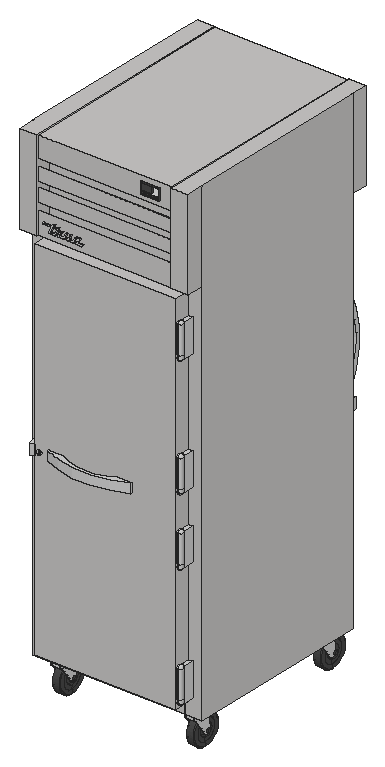
Revit family "QF_TRUE_STG1RPT-1S-1G-HC", category Specialty Equipment, Revit 2012 (continued)
Automatic sketch dimensions
  Extrusion 26 sketch curve to Extrusion 26 sketch curve = 0.59966"  (x2)
  plane 8 to Extrusion 26 sketch curve = 6.82645"
  Extrusion 26 sketch curve to Extrusion 26 sketch curve = 0.60485"  (x2)
  Revolve 27 sketch curve to plane 6 = 0.62954"
  Revolve 27 sketch curve to plane 3 "RIGHT" = 4.14082"
  Revolve 27 sketch curve to Revolve 27 sketch curve = 1.29707"
  Revolve 27 sketch curve to Revolve 27 sketch curve = 0"
  Revolve 27 sketch curve to Revolve 27 sketch curve = 0.10278"
  Revolve 27 sketch curve to plane 6 = 0.00141"
  plane 6 to Revolve 27 sketch curve = 0.26768"
  Revolve 28 sketch curve to level = 0"
  Revolve 28 sketch curve to plane 6 = 0"
  Revolve 28 sketch curve to plane 3 "RIGHT" = 4.17713"
  level to Revolve 28 sketch curve = 1"
  Revolve 28 sketch curve to plane 3 "RIGHT" = 3 19/32"
  Revolve 28 sketch curve to Revolve 28 sketch curve = 1/4"
  Revolve 28 sketch curve to Revolve 28 sketch curve = 1/2"
  Revolve 28 sketch curve to Revolve 28 sketch curve = 0"
  Revolve 28 sketch curve to Revolve 28 sketch curve = 5/8"
  plane 6 to Revolve 28 sketch curve = 1 25/32"
  Revolve 29 sketch curve to level = 0"
  Revolve 29 sketch curve to plane 6 = 0"
  Revolve 29 sketch curve to plane 3 "RIGHT" = 4.17713"
  level to Revolve 29 sketch curve = 1"
  Revolve 29 sketch curve to plane 3 "RIGHT" = 3 19/32"
  Revolve 29 sketch curve to Revolve 29 sketch curve = 1/4"
  Revolve 29 sketch curve to Revolve 29 sketch curve = 1/2"
  Revolve 29 sketch curve to Revolve 29 sketch curve = 0"
  Revolve 29 sketch curve to Revolve 29 sketch curve = 5/8"
  plane 6 to Revolve 29 sketch curve = 1 25/32"
  Revolve 30 sketch curve to plane 6 = 0.62954"
  Revolve 30 sketch curve to plane 3 "RIGHT" = 4.14082"
  Revolve 30 sketch curve to Revolve 30 sketch curve = 1.29707"
  Revolve 30 sketch curve to Revolve 30 sketch curve = 0"
  Revolve 30 sketch curve to Revolve 30 sketch curve = 0.10278"
  Revolve 30 sketch curve to plane 6 = 0.00141"
  plane 6 to Revolve 30 sketch curve = 0.26768"
  Extrusion 31 sketch curve to plane 6 = 0.63926"  (x2)
  Extrusion 31 sketch curve to plane 4 "FRONT" = 3.79864"
  Extrusion 31 sketch curve to Extrusion 31 sketch curve = 1/4"  (x2)
  Extrusion 31 sketch curve to Extrusion 31 sketch curve = 2 1/2"  (x2)
  Extrusion 31 sketch curve to plane 6 = 0.93273"  (x2)
  Extrusion 31 sketch curve to Extrusion 31 sketch curve = 0.03603"
  plane 8 to Extrusion 31 sketch curve = 6.82645"
  Extrusion 31 sketch curve to plane 6 = 1.24411"
  Extrusion 33 sketch curve to plane 6 = 0.63926"  (x2)
  Extrusion 33 sketch curve to plane 4 "FRONT" = 3.79864"
  Extrusion 33 sketch curve to Extrusion 33 sketch curve = 1/4"  (x2)
  level to Extrusion 33 sketch curve = 2.18736"  (x2)
  Extrusion 33 sketch curve to Extrusion 33 sketch curve = 1.7492"  (x2)
  Extrusion 33 sketch curve to Extrusion 33 sketch curve = 0.50669"  (x2)
  Extrusion 33 sketch curve to Extrusion 33 sketch curve = 2 1/2"  (x2)
  level to Extrusion 33 sketch curve = 2.59003"  (x2)
  Extrusion 33 sketch curve to Extrusion 33 sketch curve = 0.59966"  (x2)
  plane 8 to Extrusion 33 sketch curve = 6.82645"
  Extrusion 33 sketch curve to Extrusion 33 sketch curve = 0.60485"  (x2)
  Extrusion 34 sketch curve to plane 6 = 0.63926"  (x2)
  Extrusion 34 sketch curve to plane 4 "FRONT" = 3.79864"
  Extrusion 34 sketch curve to Extrusion 34 sketch curve = 1/4"  (x2)
  level to Extrusion 34 sketch curve = 2.18736"  (x2)
  Extrusion 34 sketch curve to Extrusion 34 sketch curve = 1.7492"  (x2)
  Extrusion 34 sketch curve to Extrusion 34 sketch curve = 0.50669"  (x2)
  Extrusion 34 sketch curve to Extrusion 34 sketch curve = 2 1/2"  (x2)
  level to Extrusion 34 sketch curve = 2.59003"  (x2)
  Extrusion 34 sketch curve to Extrusion 34 sketch curve = 0.59966"  (x2)
  plane 8 to Extrusion 34 sketch curve = 6.82645"
  Extrusion 34 sketch curve to Extrusion 34 sketch curve = 0.60485"  (x2)
  Extrusion 39 sketch curve to plane 6 = 0.63926"  (x2)
  Extrusion 39 sketch curve to plane 4 "FRONT" = 3.79864"
  Extrusion 39 sketch curve to Extrusion 39 sketch curve = 1/4"  (x2)
  Extrusion 39 sketch curve to Extrusion 39 sketch curve = 2 1/2"  (x2)
  Extrusion 39 sketch curve to plane 6 = 0.93273"  (x2)
  Extrusion 39 sketch curve to Extrusion 39 sketch curve = 0.03603"
  plane 8 to Extrusion 39 sketch curve = 6.82645"
  Extrusion 39 sketch curve to plane 6 = 1.24411"
  Extrusion 42 sketch curve to plane 3 "RIGHT" = 2 55/64"
  Extrusion 42 sketch curve to plane 3 "RIGHT" = 3/64"
  plane 8 to Extrusion 42 sketch curve = 2 3/4"
  plane 8 to Extrusion 42 sketch curve = 0"
  plane 8 to Extrusion 44 sketch curve = 0.60979"
  Extrusion 44 sketch curve to Extrusion 44 sketch curve = 0.43503"
  Extrusion 44 sketch curve to Extrusion 44 sketch curve = 0.20453"
  Extrusion 44 sketch curve to Extrusion 44 sketch curve = 1.50065"
  Extrusion 44 sketch curve to plane 5 "TOP" = 19.57271"
  Extrusion 44 sketch curve to Extrusion 44 sketch curve = 4.39928"
  Extrusion 44 sketch curve to Extrusion 44 sketch curve = 0.71221"
  plane 8 to Revolve 45 sketch curve = 3/16"  (x2)
  Revolve 45 sketch curve to Revolve 45 sketch curve = 0.38242"
  Revolve 45 sketch curve to Revolve 45 sketch curve = 0.38436"
  plane 8 to Revolve 45 sketch curve = 0.59416"
  Revolve 45 sketch curve to Revolve 45 sketch curve = 0.40666"
  Revolve 45 sketch curve to Revolve 45 sketch curve = 0"
  Revolve 45 sketch curve to plane 5 "TOP" = 18.75492"
  Revolve 45 sketch curve to Revolve 45 sketch curve = 0.55526"
  Revolve 45 sketch curve to Revolve 45 sketch curve = 0.19474"
  Revolve 45 sketch curve to Revolve 45 sketch curve = 0.14649"
  Revolve 45 sketch curve to Revolve 45 sketch curve = 4.42889"
  Revolve 45 sketch curve to Revolve 45 sketch curve = 0.05342"
  Revolve 45 sketch curve to Revolve 45 sketch curve = 0.51246"
  Revolve 45 sketch curve to Revolve 45 sketch curve = 0.05889"
  plane 8 to Extrusion 47 sketch curve = 0.60979"
  Extrusion 47 sketch curve to Extrusion 47 sketch curve = 0.43503"
  Extrusion 47 sketch curve to Extrusion 47 sketch curve = 0.20453"
  Extrusion 47 sketch curve to Extrusion 47 sketch curve = 1.50065"
  plane 6 to Extrusion 47 sketch curve = 38.92729"
  Extrusion 47 sketch curve to Extrusion 47 sketch curve = 4.39928"
  Extrusion 47 sketch curve to Extrusion 47 sketch curve = 0.71221"
  plane 8 to Revolve 48 sketch curve = 3/16"  (x2)
  Revolve 48 sketch curve to Revolve 48 sketch curve = 0.38242"
  Revolve 48 sketch curve to Revolve 48 sketch curve = 0.38436"
  plane 8 to Revolve 48 sketch curve = 0.59416"
  Revolve 48 sketch curve to Revolve 48 sketch curve = 0.40666"
  Revolve 48 sketch curve to Revolve 48 sketch curve = 0"
  Revolve 48 sketch curve to plane 5 "TOP" = 38.25492"
  Revolve 48 sketch curve to Revolve 48 sketch curve = 0.55526"
  Revolve 48 sketch curve to Revolve 48 sketch curve = 0.19474"
  Revolve 48 sketch curve to Revolve 48 sketch curve = 0.14649"
  Revolve 48 sketch curve to Revolve 48 sketch curve = 4.42889"
  Revolve 48 sketch curve to Revolve 48 sketch curve = 0.05342"
  Revolve 48 sketch curve to Revolve 48 sketch curve = 0.51246"
  Revolve 48 sketch curve to Revolve 48 sketch curve = 0.05889"
  plane 8 to Extrusion 50 sketch curve = 0.60979"
  Extrusion 50 sketch curve to Extrusion 50 sketch curve = 0.43503"
  Extrusion 50 sketch curve to Extrusion 50 sketch curve = 0.20453"
  Extrusion 50 sketch curve to Extrusion 50 sketch curve = 1.50065"
  plane 6 to Extrusion 50 sketch curve = 27.92729"
  Extrusion 50 sketch curve to Extrusion 50 sketch curve = 4.39928"
  Extrusion 50 sketch curve to Extrusion 50 sketch curve = 0.71221"
  plane 8 to Revolve 51 sketch curve = 3/16"  (x2)
  Revolve 51 sketch curve to Revolve 51 sketch curve = 0.38242"
  Revolve 51 sketch curve to Revolve 51 sketch curve = 0.38436"
  plane 8 to Revolve 51 sketch curve = 0.59416"
  Revolve 51 sketch curve to Revolve 51 sketch curve = 0.40666"
  Revolve 51 sketch curve to Revolve 51 sketch curve = 0"
  plane 6 to Revolve 51 sketch curve = 28.74508"
  Revolve 51 sketch curve to Revolve 51 sketch curve = 0.55526"
  Revolve 51 sketch curve to Revolve 51 sketch curve = 0.19474"
  Revolve 51 sketch curve to Revolve 51 sketch curve = 0.14649"
  Revolve 51 sketch curve to Revolve 51 sketch curve = 4.42889"
  Revolve 51 sketch curve to Revolve 51 sketch curve = 0.05342"
  Revolve 51 sketch curve to Revolve 51 sketch curve = 0.51246"
  Revolve 51 sketch curve to Revolve 51 sketch curve = 0.05889"
  plane 8 to Extrusion 53 sketch curve = 0.60979"
  Extrusion 53 sketch curve to Extrusion 53 sketch curve = 0.43503"
  Extrusion 53 sketch curve to Extrusion 53 sketch curve = 0.20453"
  Extrusion 53 sketch curve to Extrusion 53 sketch curve = 1.50065"
  plane 6 to Extrusion 53 sketch curve = 8.17729"
  plane 6 to Extrusion 53 sketch curve = 3.57348"
  Extrusion 53 sketch curve to Extrusion 53 sketch curve = 0.71221"
  plane 8 to Revolve 54 sketch curve = 3/16"  (x2)
  Revolve 54 sketch curve to Revolve 54 sketch curve = 0.38242"
  Revolve 54 sketch curve to Revolve 54 sketch curve = 0.38436"
  plane 8 to Revolve 54 sketch curve = 0.59416"
  Revolve 54 sketch curve to Revolve 54 sketch curve = 0.40666"
  Revolve 54 sketch curve to Revolve 54 sketch curve = 0"
  plane 6 to Revolve 54 sketch curve = 8.99508"
  Revolve 54 sketch curve to Revolve 54 sketch curve = 0.55526"
  Revolve 54 sketch curve to Revolve 54 sketch curve = 0.19474"
  Revolve 54 sketch curve to Revolve 54 sketch curve = 0.14649"
  plane 6 to Revolve 54 sketch curve = 3.62689"
  Revolve 54 sketch curve to Revolve 54 sketch curve = 0.05342"
  Revolve 54 sketch curve to Revolve 54 sketch curve = 0.51246"
  Revolve 54 sketch curve to Revolve 54 sketch curve = 0.05889"
  Blend 58 sketch curve to plane 3 "RIGHT" = 2 9/32"  (x2)
  Blend 58 sketch curve to Blend 58 sketch curve = 3/4"
  plane 6 to Blend 58 sketch curve = 32.17919"
  Blend 58 sketch curve to Blend 58 sketch curve = 1 3/4"
  Blend 58 sketch curve to Blend 58 sketch curve = 0.93223"
  plane 6 to Blend 58 sketch curve = 32.61393"
  Blend 58 sketch curve to Blend 58 sketch curve = 2.78233"
  Extrusion 59 sketch curve to plane 5 "TOP" = 2.55982"
  Extrusion 59 sketch curve to plane 3 "RIGHT" = 7.75585"
  Extrusion 59 sketch curve to Extrusion 59 sketch curve = 2 29/32"
  Extrusion 59 sketch curve to plane 5 "TOP" = 13/16"
  Extrusion 60 sketch curve to plane 5 "TOP" = 3/4"
  Extrusion 60 sketch curve to plane 3 "RIGHT" = 7.81835"
  Extrusion 60 sketch curve to Extrusion 60 sketch curve = 1/16"  (x4)
  Extrusion 60 sketch curve to Extrusion 60 sketch curve = 0.1375"  (x2)
  Extrusion 60 sketch curve to Extrusion 60 sketch curve = 1/4"  (x4)
  Extrusion 60 sketch curve to Extrusion 60 sketch curve = 0.44601"
  Extrusion 60 sketch curve to Extrusion 60 sketch curve = 1/2"  (x2)
  Extrusion 60 sketch curve to Extrusion 60 sketch curve = 0.0035"
  Extrusion 60 sketch curve to Extrusion 60 sketch curve = 1.06923"
  Extrusion 60 sketch curve to plane 5 "TOP" = 0.95"
  Extrusion 60 sketch curve to Extrusion 60 sketch curve = 1"
  Extrusion 60 sketch curve to Extrusion 60 sketch curve = 0.34106"  (x3)
  Extrusion 60 sketch curve to Extrusion 60 sketch curve = 0"
  Extrusion 60 sketch curve to Extrusion 60 sketch curve = 0.26876"
  Revolve 61 sketch curve to plane 3 "RIGHT" = 4.35148"
  Revolve 61 sketch curve to Revolve 61 sketch curve = 0.48273"
  Revolve 61 sketch curve to Revolve 61 sketch curve = 0.4"
  Revolve 61 sketch curve to Revolve 61 sketch curve = 0"  (x2)
  Revolve 61 sketch curve to Revolve 61 sketch curve = 0.1"  (x2)
  Revolve 61 sketch curve to Revolve 61 sketch curve = 0.16101"
  Revolve 61 sketch curve to Revolve 61 sketch curve = 0.75408"
  Revolve 61 sketch curve to Revolve 61 sketch curve = 0.92798"
  Revolve 61 sketch curve to Revolve 61 sketch curve = 0.06101"
  Revolve 61 sketch curve to Revolve 61 sketch curve = 1/2"
  Revolve 61 sketch curve to Revolve 61 sketch curve = 0.16509"
  Revolve 61 sketch curve to Revolve 61 sketch curve = 0.39592"
  level to Revolve 61 sketch curve = 2 1/2"
  Revolve 61 sketch curve to Revolve 61 sketch curve = 0.29941"  (x2)
  Revolve 61 sketch curve to Revolve 61 sketch curve = 3/4"  (x4)
  Revolve 61 sketch curve to Revolve 61 sketch curve = 0.59652"
  Revolve 61 sketch curve to Revolve 61 sketch curve = 0.60059"
  Extrusion 1 sketch curve to plane 2 "LEFT" = 0"
  plane 2 "LEFT" to Extrusion 1 sketch curve = 2 55/64"
  Extrusion 1 sketch curve to plane 4 "FRONT" = 2 3/4"
  plane 8 to Extrusion 1 sketch curve = 2 3/4"
  plane 2 "LEFT" to Extrusion 5 sketch curve = 3/64"
  Extrusion 5 sketch curve to plane 4 "FRONT" = 0"
  Extrusion 5 sketch curve to Extrusion 5 sketch curve = 2 13/16"
  Extrusion 5 sketch curve to Extrusion 5 sketch curve = 2 3/4"
  plane 2 "LEFT" to Extrusion 6 sketch curve = 2 9/32"
  Extrusion 6 sketch curve to plane 3 "RIGHT" = 2 9/32"
  plane 6 to Extrusion 6 sketch curve = 1 29/32"
  Extrusion 6 sketch curve to plane 5 "TOP" = 16 5/32"
  plane 2 "LEFT" to Extrusion 8 sketch curve = 3.04215"
  Extrusion 8 sketch curve to Extrusion 8 sketch curve = 0.02035"
  Extrusion 8 sketch curve to Extrusion 8 sketch curve = 0.0555"
  plane 6 to Extrusion 8 sketch curve = 31.39395"
  Extrusion 8 sketch curve to Extrusion 8 sketch curve = 0.29355"
  Extrusion 8 sketch curve to Extrusion 8 sketch curve = 0.27385"
  plane 2 "LEFT" to Extrusion 9 sketch curve = 3.68957"
  Extrusion 9 sketch curve to Extrusion 9 sketch curve = 0.10565"  (x5)
  Extrusion 9 sketch curve to Extrusion 9 sketch curve = 1.03891"
  Extrusion 9 sketch curve to Extrusion 9 sketch curve = 0.04606"
  Extrusion 9 sketch curve to Extrusion 9 sketch curve = 0.04025"
  Extrusion 9 sketch curve to Extrusion 9 sketch curve = 0.33624"
  Extrusion 9 sketch curve to Extrusion 9 sketch curve = 0.03034"  (x2)
  Extrusion 9 sketch curve to Extrusion 9 sketch curve = 0.29274"
  Extrusion 9 sketch curve to Extrusion 9 sketch curve = 0.03232"
  Extrusion 9 sketch curve to Extrusion 9 sketch curve = 0.08083"
  Extrusion 9 sketch curve to Extrusion 9 sketch curve = 0.1527"
  Extrusion 9 sketch curve to Extrusion 9 sketch curve = 0.19721"
  Extrusion 9 sketch curve to Extrusion 9 sketch curve = 0.4629"
  Extrusion 9 sketch curve to Extrusion 9 sketch curve = 0.02197"
  Extrusion 9 sketch curve to Extrusion 9 sketch curve = 0.12632"
  Extrusion 9 sketch curve to Extrusion 9 sketch curve = 0.18591"
  Extrusion 9 sketch curve to Extrusion 9 sketch curve = 0.2322"
  Extrusion 9 sketch curve to Extrusion 9 sketch curve = 0.13786"
  Extrusion 9 sketch curve to Extrusion 9 sketch curve = 0.00907"
  Extrusion 9 sketch curve to Extrusion 9 sketch curve = 0.01413"
  Extrusion 9 sketch curve to Extrusion 9 sketch curve = 0.37162"
  Extrusion 9 sketch curve to Extrusion 9 sketch curve = 0.12551"
  Extrusion 9 sketch curve to Extrusion 9 sketch curve = 0.07633"
  Extrusion 9 sketch curve to Extrusion 9 sketch curve = 0.08445"
  Extrusion 9 sketch curve to Extrusion 9 sketch curve = 0.25598"
  Extrusion 9 sketch curve to Extrusion 9 sketch curve = 0.01887"
  Extrusion 9 sketch curve to Extrusion 9 sketch curve = 0.04061"
  Extrusion 9 sketch curve to Extrusion 9 sketch curve = 0.0653"
  Extrusion 9 sketch curve to Extrusion 9 sketch curve = 0.08474"
  Extrusion 9 sketch curve to Extrusion 9 sketch curve = 0.00815"
  Extrusion 9 sketch curve to Extrusion 9 sketch curve = 0.22037"
  Extrusion 9 sketch curve to Extrusion 9 sketch curve = 0.21921"
  Extrusion 9 sketch curve to Extrusion 9 sketch curve = 0.11572"
  Extrusion 9 sketch curve to Extrusion 9 sketch curve = 0.46643"
  Extrusion 9 sketch curve to Extrusion 9 sketch curve = 0.00535"
  Extrusion 9 sketch curve to Extrusion 9 sketch curve = 0.09269"
  Extrusion 9 sketch curve to Extrusion 9 sketch curve = 0.09348"
  Extrusion 9 sketch curve to Extrusion 9 sketch curve = 0.14812"
  Extrusion 9 sketch curve to Extrusion 9 sketch curve = 0.07778"  (x3)
  Extrusion 9 sketch curve to Extrusion 9 sketch curve = 0.20054"
  Extrusion 9 sketch curve to Extrusion 9 sketch curve = 0.04325"
  Extrusion 9 sketch curve to Extrusion 9 sketch curve = 0.32433"
  Extrusion 9 sketch curve to Extrusion 9 sketch curve = 0.10233"  (x2)
  Extrusion 9 sketch curve to Extrusion 9 sketch curve = 0.16515"
  Extrusion 9 sketch curve to Extrusion 9 sketch curve = 0.27321"
  Extrusion 9 sketch curve to Extrusion 9 sketch curve = 0.0526"
  Extrusion 9 sketch curve to Extrusion 9 sketch curve = 0.10005"
  Extrusion 9 sketch curve to Extrusion 9 sketch curve = 0.06912"
  Extrusion 9 sketch curve to Extrusion 9 sketch curve = 0.13276"
  Extrusion 9 sketch curve to Extrusion 9 sketch curve = 0.17486"
  Extrusion 9 sketch curve to Extrusion 9 sketch curve = 0.05291"
  Extrusion 9 sketch curve to Extrusion 9 sketch curve = 0.53374"
  Extrusion 9 sketch curve to Extrusion 9 sketch curve = 0.09914"  (x2)
  Extrusion 9 sketch curve to Extrusion 9 sketch curve = 0.15992"
  Extrusion 9 sketch curve to Extrusion 9 sketch curve = 0.46666"
  Extrusion 9 sketch curve to Extrusion 9 sketch curve = 0.00582"
  Extrusion 9 sketch curve to Extrusion 9 sketch curve = 0.08216"
  Extrusion 9 sketch curve to Extrusion 9 sketch curve = 0.16397"
  Extrusion 9 sketch curve to Extrusion 9 sketch curve = 0.12601"
  Extrusion 9 sketch curve to Extrusion 9 sketch curve = 0.1363"
  Extrusion 9 sketch curve to Extrusion 9 sketch curve = 0.02323"
  Extrusion 9 sketch curve to Extrusion 9 sketch curve = 0.03844"
  Extrusion 9 sketch curve to Extrusion 9 sketch curve = 0.0454"
  Extrusion 9 sketch curve to Extrusion 9 sketch curve = 0.05693"
  Extrusion 9 sketch curve to Extrusion 9 sketch curve = 0.0917"
  Extrusion 9 sketch curve to Extrusion 9 sketch curve = 0.01902"
  Extrusion 9 sketch curve to Extrusion 9 sketch curve = 0.02191"
  Extrusion 9 sketch curve to Extrusion 9 sketch curve = 0.0347"
  Extrusion 9 sketch curve to Extrusion 9 sketch curve = 0.06385"
  Extrusion 9 sketch curve to Extrusion 9 sketch curve = 0.02906"
  Extrusion 9 sketch curve to Extrusion 9 sketch curve = 0.02851"
  Extrusion 9 sketch curve to Extrusion 9 sketch curve = 0.29237"
  Extrusion 9 sketch curve to Extrusion 9 sketch curve = 0.00537"
  Extrusion 9 sketch curve to Extrusion 9 sketch curve = 0.0406"
  Extrusion 9 sketch curve to Extrusion 9 sketch curve = 0.04327"
  Extrusion 9 sketch curve to Extrusion 9 sketch curve = 0.02615"
  Extrusion 9 sketch curve to Extrusion 9 sketch curve = 0.11806"
  Extrusion 9 sketch curve to Extrusion 9 sketch curve = 0.15103"
  Extrusion 9 sketch curve to Extrusion 9 sketch curve = 0.10007"
  Extrusion 9 sketch curve to Extrusion 9 sketch curve = 0.5254"
  Extrusion 9 sketch curve to Extrusion 9 sketch curve = 0.14787"
  Extrusion 9 sketch curve to plane 5 "TOP" = 13.64562"
  Extrusion 9 sketch curve to Extrusion 9 sketch curve = 0.07275"
  Extrusion 9 sketch curve to Extrusion 9 sketch curve = 0.05776"
  Extrusion 9 sketch curve to Extrusion 9 sketch curve = 0.08631"
  Extrusion 9 sketch curve to Extrusion 9 sketch curve = 0.09282"
  Extrusion 9 sketch curve to Extrusion 9 sketch curve = 0.13018"
  Extrusion 9 sketch curve to Extrusion 9 sketch curve = 0.16714"
  Extrusion 9 sketch curve to Extrusion 9 sketch curve = 0.11061"
  Extrusion 9 sketch curve to Extrusion 9 sketch curve = 0.06046"
  Extrusion 9 sketch curve to Extrusion 9 sketch curve = 0.16548"
  Extrusion 9 sketch curve to Extrusion 9 sketch curve = 0.14279"
  Extrusion 9 sketch curve to Extrusion 9 sketch curve = 0.0496"
  Extrusion 9 sketch curve to Extrusion 9 sketch curve = 0.07293"
  Extrusion 9 sketch curve to Extrusion 9 sketch curve = 0.07764"
  Extrusion 9 sketch curve to Extrusion 9 sketch curve = 0.03794"
  Extrusion 9 sketch curve to Extrusion 9 sketch curve = 0.08552"
  Extrusion 9 sketch curve to Extrusion 9 sketch curve = 0.09296"
  Extrusion 9 sketch curve to Extrusion 9 sketch curve = 0.09314"
  Extrusion 9 sketch curve to Extrusion 9 sketch curve = 0.02781"
  Extrusion 9 sketch curve to Extrusion 9 sketch curve = 0.04981"
  Extrusion 9 sketch curve to Extrusion 9 sketch curve = 0.09315"
  Extrusion 9 sketch curve to Extrusion 9 sketch curve = 0.04799"
  Extrusion 9 sketch curve to Extrusion 9 sketch curve = 0.02531"
  Extrusion 9 sketch curve to Extrusion 9 sketch curve = 0.03054"
  Extrusion 9 sketch curve to Extrusion 9 sketch curve = 0.2589"
  Extrusion 9 sketch curve to Extrusion 9 sketch curve = 0.0674"
  Extrusion 9 sketch curve to Extrusion 9 sketch curve = 0.0324"
  Extrusion 9 sketch curve to Extrusion 9 sketch curve = 0.26185"
  Extrusion 9 sketch curve to Extrusion 9 sketch curve = 11/256"
  Extrusion 9 sketch curve to Extrusion 9 sketch curve = 0.07366"
  Extrusion 9 sketch curve to Extrusion 9 sketch curve = 0.02187"
  Extrusion 9 sketch curve to Extrusion 9 sketch curve = 0.06479"
  Extrusion 9 sketch curve to Extrusion 9 sketch curve = 0.01183"
  Extrusion 9 sketch curve to Extrusion 9 sketch curve = 0.05778"
  Extrusion 9 sketch curve to Extrusion 9 sketch curve = 0.53375"
  Extrusion 9 sketch curve to Extrusion 9 sketch curve = 0.23098"
  Extrusion 9 sketch curve to Extrusion 9 sketch curve = 0"
  Extrusion 9 sketch curve to Extrusion 9 sketch curve = 0.05045"
  Extrusion 9 sketch curve to Extrusion 9 sketch curve = 0.09139"
  Extrusion 9 sketch curve to Extrusion 9 sketch curve = 29/128"  (x3)
  plane 2 "LEFT" to Blend 11 sketch curve = 2 9/32"
  Blend 11 sketch curve to Blend 11 sketch curve = 3/4"
  plane 6 to Blend 11 sketch curve = 32.61669"
  Blend 11 sketch curve to Blend 11 sketch curve = 1 3/4"
  Blend 11 sketch curve to plane 2 "LEFT" = 2 9/32"
  Blend 11 sketch curve to Blend 11 sketch curve = 0.93223"
  Blend 11 sketch curve to plane 6 = 30.2691"
  Blend 11 sketch curve to Blend 11 sketch curve = 2.78233"
  plane 2 "LEFT" to Revolve 32 sketch curve = 1.33602"
  Revolve 32 sketch curve to Revolve 32 sketch curve = 0.48273"
  Revolve 32 sketch curve to Revolve 32 sketch curve = 0.4"
  Revolve 32 sketch curve to Revolve 32 sketch curve = 0"  (x2)
  Revolve 32 sketch curve to Revolve 32 sketch curve = 0.1"  (x2)
  Revolve 32 sketch curve to Revolve 32 sketch curve = 0.16101"
  Revolve 32 sketch curve to Revolve 32 sketch curve = 0.75408"
  Revolve 32 sketch curve to Revolve 32 sketch curve = 0.92798"
  Revolve 32 sketch curve to Revolve 32 sketch curve = 0.06101"
  Revolve 32 sketch curve to Revolve 32 sketch curve = 1/2"
  Revolve 32 sketch curve to Revolve 32 sketch curve = 0.16509"
  Revolve 32 sketch curve to Revolve 32 sketch curve = 0.39592"
  level to Revolve 32 sketch curve = 2 1/2"
  Revolve 32 sketch curve to Revolve 32 sketch curve = 0.29941"  (x2)
  Revolve 32 sketch curve to Revolve 32 sketch curve = 3/4"  (x4)
  Revolve 32 sketch curve to Revolve 32 sketch curve = 0.59652"
  Revolve 32 sketch curve to Revolve 32 sketch curve = 0.60059"
  Revolve 35 sketch curve to plane 6 = 0.62954"
  plane 2 "LEFT" to Revolve 35 sketch curve = 1.54668"
  Revolve 35 sketch curve to Revolve 35 sketch curve = 1.29707"
  Revolve 35 sketch curve to Revolve 35 sketch curve = 0"
  Revolve 35 sketch curve to Revolve 35 sketch curve = 0.10278"
  Revolve 35 sketch curve to plane 6 = 0.00141"
  plane 6 to Revolve 35 sketch curve = 0.26768"
  Revolve 36 sketch curve to level = 0"
  Revolve 36 sketch curve to plane 6 = 0"
  plane 2 "LEFT" to Revolve 36 sketch curve = 1.51037"
  level to Revolve 36 sketch curve = 1"
  plane 2 "LEFT" to Revolve 36 sketch curve = 2 3/32"
  Revolve 36 sketch curve to Revolve 36 sketch curve = 1/4"
  Revolve 36 sketch curve to Revolve 36 sketch curve = 1/2"
  Revolve 36 sketch curve to Revolve 36 sketch curve = 0"
  Revolve 36 sketch curve to Revolve 36 sketch curve = 5/8"
  plane 6 to Revolve 36 sketch curve = 1 25/32"
  Revolve 37 sketch curve to level = 0"
  Revolve 37 sketch curve to plane 6 = 0"
  plane 2 "LEFT" to Revolve 37 sketch curve = 1.51037"
  level to Revolve 37 sketch curve = 1"
  plane 2 "LEFT" to Revolve 37 sketch curve = 2 3/32"
  Revolve 37 sketch curve to Revolve 37 sketch curve = 1/4"
  Revolve 37 sketch curve to Revolve 37 sketch curve = 1/2"
  Revolve 37 sketch curve to Revolve 37 sketch curve = 0"
  Revolve 37 sketch curve to Revolve 37 sketch curve = 5/8"
  plane 6 to Revolve 37 sketch curve = 1 25/32"
  Revolve 38 sketch curve to plane 6 = 0.62954"
  plane 2 "LEFT" to Revolve 38 sketch curve = 1.54668"
  Revolve 38 sketch curve to Revolve 38 sketch curve = 1.29707"
  Revolve 38 sketch curve to Revolve 38 sketch curve = 0"
  Revolve 38 sketch curve to Revolve 38 sketch curve = 0.10278"
  Revolve 38 sketch curve to plane 6 = 0.00141"
  plane 6 to Revolve 38 sketch curve = 0.26768"
  plane 2 "LEFT" to Extrusion 40 sketch curve = 2 9/32"
  Extrusion 40 sketch curve to Extrusion 40 sketch curve = 3 11/32"  (x2)
  Extrusion 40 sketch curve to plane 3 "RIGHT" = 5 5/8"
  Extrusion 40 sketch curve to plane 3 "RIGHT" = 2 9/32"
  Extrusion 40 sketch curve to plane 5 "TOP" = 16 5/32"
  plane 6 to Extrusion 40 sketch curve = 5 1/4"
  plane 6 to Extrusion 40 sketch curve = 1 29/32"
  plane 2 "LEFT" to Extrusion 41 sketch curve = 5 5/8"
  Extrusion 41 sketch curve to plane 3 "RIGHT" = 5 5/8"
  Extrusion 41 sketch curve to plane 5 "TOP" = 19 1/2"
  plane 6 to Extrusion 41 sketch curve = 5 1/4"
  plane 2 "LEFT" to Extrusion 43 sketch curve = 3/64"
  plane 8 to Extrusion 43 sketch curve = 0"
  Extrusion 43 sketch curve to Extrusion 43 sketch curve = 2 13/16"
  Extrusion 43 sketch curve to Extrusion 43 sketch curve = 3.0792"
  plane 2 "LEFT" to Extrusion 46 sketch curve = 1.88366"
  Extrusion 46 sketch curve to Extrusion 46 sketch curve = 0.39759"
  Extrusion 46 sketch curve to plane 5 "TOP" = 19.6514"
  Extrusion 46 sketch curve to Extrusion 46 sketch curve = 4.47281"
  plane 2 "LEFT" to Extrusion 49 sketch curve = 1.88366"
  Extrusion 49 sketch curve to Extrusion 49 sketch curve = 0.39759"
  plane 6 to Extrusion 49 sketch curve = 38.8486"
  Extrusion 49 sketch curve to Extrusion 49 sketch curve = 4.47281"
  plane 2 "LEFT" to Extrusion 52 sketch curve = 1.88366"
  Extrusion 52 sketch curve to Extrusion 52 sketch curve = 0.39759"
  plane 6 to Extrusion 52 sketch curve = 27.8486"
  Extrusion 52 sketch curve to Extrusion 52 sketch curve = 4.47281"
  plane 2 "LEFT" to Extrusion 55 sketch curve = 1.88366"
  Extrusion 55 sketch curve to Extrusion 55 sketch curve = 0.39759"
  plane 6 to Extrusion 55 sketch curve = 8.0986"
  plane 6 to Extrusion 55 sketch curve = 3.62579"
  plane 2 "LEFT" to Revolve 62 sketch curve = 1.33602"
  Revolve 62 sketch curve to Revolve 62 sketch curve = 0.48273"
  Revolve 62 sketch curve to Revolve 62 sketch curve = 0.4"
  Revolve 62 sketch curve to Revolve 62 sketch curve = 0"  (x2)
  Revolve 62 sketch curve to Revolve 62 sketch curve = 0.1"  (x2)
  Revolve 62 sketch curve to Revolve 62 sketch curve = 0.16101"
  Revolve 62 sketch curve to Revolve 62 sketch curve = 0.75408"
  Revolve 62 sketch curve to Revolve 62 sketch curve = 0.92798"
  Revolve 62 sketch curve to Revolve 62 sketch curve = 0.06101"
  Revolve 62 sketch curve to Revolve 62 sketch curve = 1/2"
  Revolve 62 sketch curve to Revolve 62 sketch curve = 0.16509"
  Revolve 62 sketch curve to Revolve 62 sketch curve = 0.39592"
  level to Revolve 62 sketch curve = 2 1/2"
  Revolve 62 sketch curve to Revolve 62 sketch curve = 0.29941"  (x2)
  Revolve 62 sketch curve to Revolve 62 sketch curve = 3/4"  (x4)
  Revolve 62 sketch curve to Revolve 62 sketch curve = 0.59652"
  Revolve 62 sketch curve to Revolve 62 sketch curve = 0.60059"
  Extrusion 57 sketch curve to Extrusion 40 = 217/256"
  Extrusion 57 sketch curve to Extrusion 57 sketch curve = 9/256"
  Extrusion 57 sketch curve to Extrusion 57 sketch curve = 0.0555"
  Extrusion 40 to Extrusion 57 sketch curve = 26.27385"
  Extrusion 57 sketch curve to Extrusion 57 sketch curve = 0.27385"
  Extrusion 57 sketch curve to Extrusion 57 sketch curve = 0.29355"
  plane 2 "LEFT" to Extrusion 64 sketch curve = 2 27/32"
  Extrusion 64 sketch curve to plane 4 "FRONT" = 5 3/16"
  plane 2 "LEFT" to Extrusion 65 sketch curve = 2 27/32"
  plane 8 to Extrusion 65 sketch curve = 5.06602"
  Extrusion 66 sketch curve to plane 3 "RIGHT" = 2 27/32"
  plane 8 to Extrusion 66 sketch curve = 5.06602"
  Extrusion 67 sketch curve to plane 3 "RIGHT" = 2 27/32"
  Extrusion 67 sketch curve to plane 4 "FRONT" = 5 3/16"
  Extrusion 56 sketch curve to plane 8 = 0.02463"  (x2)
  plane 8 to Extrusion 56 sketch curve = 3/16"  (x2)
  plane 8 to Extrusion 56 sketch curve = 8.36439"
  Extrusion 56 sketch curve to Extrusion 56 sketch curve = 6.90258"
  plane 6 to Extrusion 56 sketch curve = 32 5/8"
  Extrusion 56 sketch curve to Extrusion 56 sketch curve = 2.37615"
  Extrusion 56 sketch curve to Extrusion 56 sketch curve = 4.87385"
  Extrusion 56 sketch curve to Extrusion 56 sketch curve = 0"
  curve 3 to plane 2 "LEFT" = 0"
  plane 8 to curve 26 = 0"
  plane 4 "FRONT" to curve 28 = 0"
  plane 4 "FRONT" to curve 32 = 0"
  curve 4 to plane 3 "RIGHT" = 0"
  plane 2 "LEFT" to curve 12 = 1.41409"
  plane 2 "LEFT" to curve 8 = 1.41409"
  plane 8 to curve 41 = 0.10328"
  plane 2 "LEFT" to curve 41 = 2.27195"
  curve 40 to plane 4 "FRONT" = 3/16"
  plane 2 "LEFT" to curve 40 = 2.28117"
  curve 41 to curve 26 = 0.0093"
  curve 7 to curve 9 = 1.08591"
  curve 11 to curve 12 = 1.08591"
  curve 40 to curve 28 = 1.40839"
  plane 2 "LEFT" to curve 7 = 3.91409"
  curve 41 to curve 10 = 1.64214"
  curve 28 to curve 34 = 0.82465"
  plane 2 "LEFT" to curve 22 = 5.31336"
  curve 34 to curve 35 = 2.7174"
  curve 35 to curve 30 = 3.10262"
  curve 6 to curve 34 = 6.36249"
  curve 6 to curve 35 = 6.36249"
  curve 30 to curve 35 = 5.44975"
  curve 38 to plane 8 = 3/16"
  curve 38 to plane 3 "RIGHT" = 10.33424"
  plane 4 "FRONT" to curve 36 = 0.0247"
  curve 35 to curve 36 = 2.37851"
  curve 36 to curve 32 = 1.51916"
  curve 26 to plane 3 "RIGHT" = 5.40718"
  curve 15 to plane 3 "RIGHT" = 5.17844"
  curve 31 to curve 20 = 2.6399"
  curve 31 to curve 33 = 3 1/32"
  curve 19 to curve 20 = 1.08591"
  curve 15 to curve 17 = 1.08591"
  curve 24 to plane 9 = 0"
  curve 24 to plane 3 "RIGHT" = 3 15/16"
  curve 23 to curve 37 = 0.24793"
  curve 18 to plane 3 "RIGHT" = 2.67844"
  curve 14 to plane 3 "RIGHT" = 2.67844"
  curve 23 to curve 25 = 1 1/2"
  curve 25 to curve 41 = 5/32"
  curve 22 to curve 3 = 2 9/32"
  curve 22 to curve 40 = 0.0093"
  curve 40 to plane 10 = 9.64097"
  curve 2 to curve 5 = 2 9/16"
  curve 33 to curve 20 = 3.74099"
  curve 5 to curve 8 = 1.28257"
  curve 20 to curve 20 = 0.62695"
  curve 8 to curve 8 = 0.62695"
  curve 13 to curve 41 = 7.98915"
  plane 8 to curve 17 = 8.09243"
  curve 16 to curve 16 = 0.62695"
  curve 12 to curve 11 = 0.62695"
  curve 1 to curve 2 = 2 3/4"
  Extrusion 7 sketch curve to plane 4 "FRONT" = 3/16"  (x2)
  plane 2 "LEFT" to Extrusion 7 sketch curve = 4 9/16"
  Extrusion 7 sketch curve to Extrusion 7 sketch curve = 2.37851"  (x2)
  Extrusion 7 sketch curve to Extrusion 7 sketch curve = 4.42149"
  Extrusion 7 sketch curve to Extrusion 7 sketch curve = 0"
  plane 4 "FRONT" to Extrusion 7 sketch curve = 0.0247"
  Extrusion 7 sketch curve to plane 4 "FRONT" = 6.72146"
  Extrusion 7 sketch curve to Extrusion 7 sketch curve = 6.60852"
  plane 12 to Extrusion 63 sketch curve = 0"
  Extrusion 63 sketch curve to plane 11 = 0"
  plane 8 to Extrusion 63 sketch curve = 0.15579"
  plane 2 "LEFT" to Extrusion 63 sketch curve = 2.03045"
  Extrusion 63 sketch curve to plane 4 "FRONT" = 3/16"
  plane 2 "LEFT" to Extrusion 63 sketch curve = 2.28117"
  Extrusion 63 sketch curve to Extrusion 63 sketch curve = 0.2508"
  Extrusion 63 sketch curve to plane 3 "RIGHT" = 2 9/32"
  plane 8 to Extrusion 63 sketch curve = 3/16"
  Extrusion 63 sketch curve to plane 4 "FRONT" = 0.14731"
  radius of Extrusion 10 sketch curve = 1/4"
  radius of Extrusion 8 sketch curve = 0.35"
  radius of Extrusion 57 sketch curve = 0.35"
  radius of Extrusion 64 sketch curve = 1 1/2"
  radius of Extrusion 65 sketch curve = 1 1/2"
  radius of Extrusion 66 sketch curve = 1 1/2"
  radius of Extrusion 67 sketch curve = 1 1/2"
Connectors (in)
  electrical at (24.25, 2.48221, 82), driven by "Volts", driven by "Watts"
    settings: on Extrusion 10, index 1, voltage 115 V, apparent load 437 VA, apparent load phase1 0 VA, apparent load phase2 0 VA, apparent load phase3 0 VA, power factor 1, load classification "Other", number of poles 1, system type 30, power factor state 1, is connector primary yes, connector utility no, sub classification motor no, connector description "ELECTRICAL CONNECTION"
